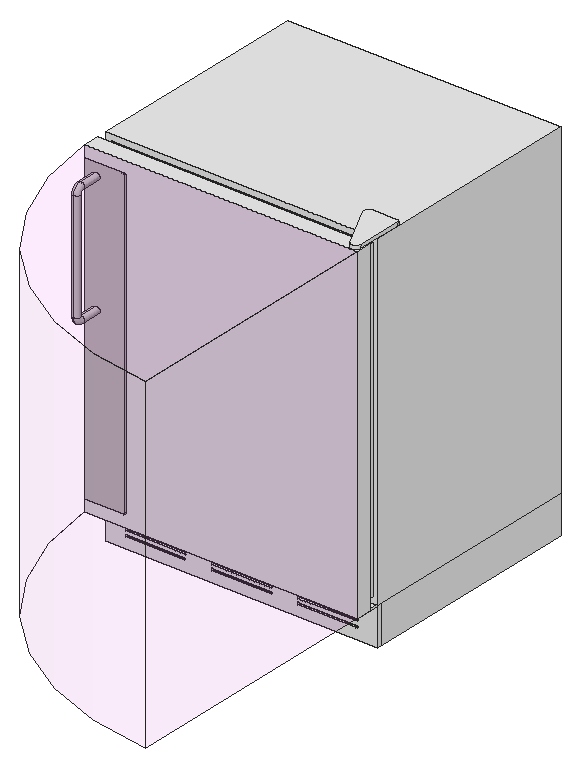
Revit family "QF_Summit_FF6W7BZADA_Refrigerator", category Specialty Equipment, Revit 2020
Family settings
  Round Connector Dimension = Use Diameter
  Part Type = Normal
  Work Plane-Based = No
  Always vertical = Yes
  Cut with Voids When Loaded = No
  Shared = No
  Room Calculation Point = No
Parameters
  Weight in Pounds = 100
  Watts = Volts * FL Amps  # 161 W
  Volts = 115 V
  URL Cutsheet = ""
  Specification by User = ""
  Specification by Manufacturer = ""
  Show LHD [instance] = no
  Right Hinged Door [instance] = not(Show LHD)  # yes
  Serial Number = ""
  Seismic Rating = ""
  SMACNA No = ""
  Revision Code = ""
  Refrigerant Volume = 0.00 kip
  Refrigerant Type = "R600a"
  Phase = 1
  Number of Poles = 1
  NAFEM Spec ID Number = ""
  Model = "FF6W7BZADA"
  Min Ckt Ampacity = 0 A
  Max Overcurrent Protection = 0 A
  Masterspec = ""
  Manufacturer = "Summit"
  Length = 23 5/8"
  Item Number = ""
  Installed By = ""
  Identify Quantity as Lot = yes
  Height = 32 1/8"
  HP = ""
  Furnished By = ""
  Foodservice Equipment Identifier = yes
  FL Amps = 1.4 A
  Electrical Remarks = ""
  Electric Connection Type = ""
  Elec Conn RI Height = 0"
  Elec Conn Connection Height = 0"
  Description = "Refrigerator"
  Depth = 22 3/4"
  Default Elevation = 0"
  Cycle = 60 Hz
  Conn Plug = ""
  Conn Conduit = yes
  CSI MasterFormat = ""
  BTUH = 0.0 Btu/h
  Apparent Power = if(Phase = 3, Volts * FL Amps * 1.73, Volts * FL Amps)  # 161 VA
Reference planes (in)
  plane 1 "BACK": y = 0
  plane 2: z = 0
  plane 3 "LEFT": x = 0
  plane 4 "RIGHT": x = 23.625
  plane 5 "FRONT": y = -22.75
  plane 6 "TOP": z = 32.125
  plane 7 "Center Y": x = 11.8125
  plane 8 "Center X": y = -11.375
  plane 9: z = 31.875
  plane 10: y = -25.25
  plane 11: y = -45.75
  plane 12: y = -0.75
  plane 13: y = -20.5
  plane 14: z = 0.125
  plane 15: z = 3.375
  plane 16: x = 17.46169
Forms (in)
  Extrusion 1, solid, material "QF_Clearances_Door_Drawer", visible <- "Right Hinged Door"
    sketch origin (-5.77638, -180, 3.375) x (0, -1, 0) y (-1, 0, 0)
      loop
        line (-157.25, -29.40138) -> (-134.25, -29.40138)
        arc (-134.25, -29.40138) -> (-141.23315, -13.19152) -> (-157.25, -5.77638) r 24.70896
        line (-157.25, -5.77638) -> (-157.25, -29.40138)
    from 0 to -28.5
  Extrusion 2, solid, material "QF_Metallic_Paint_White_Smooth"
    sketch origin (-4.07558, -180, 0.25) x (-1, 0, 0) y (0, -1, 0)
      loop
        line (-4.07558, -179.25) -> (-4.07558, -159.5) -> (-27.70058, -159.5) -> (-27.70058, -179.25) -> (-4.07558, -179.25)
    from 3.125 to 31.625
  Extrusion 3, solid, material "QF_Metallic_Paint_White_Smooth"
    sketch origin (-5.77638, -180, 3.5) x (-1, 0, 0) y (0, -1, 0)
      loop
        line (-5.77638, -157.25) -> (-29.40138, -157.25) -> (-29.40138, -158.625) -> (-5.77638, -158.625) -> (-5.77638, -157.25)
    from -0.125 to 28.375
  Extrusion 4, solid, material "QF_Metallic_Paint_White_Smooth"
    sketch origin (23.5, -21.375, 3.5) x (-1, 0, 0) y (0, 0, 1)
      loop
        line (0.375, 0.375) -> (23, 0.375) -> (23, 27.875) -> (0.375, 27.875) -> (0.375, 0.375)
    from 0 to 0.875
  Extrusion 5, solid, material "QF_Metallic_Paint_White_Smooth", visible <- "Right Hinged Door"
    sketch origin (-5.77638, -180, 31.875) x (-1, 0, 0) y (0, -1, 0)
      loop
        arc (-29.27619, -161.7403) -> (-29.20297, -161.91708) -> (-29.02619, -161.9903) r 0.25
        line (-29.02619, -161.9903) -> (-26.9149, -161.9903)
        arc (-26.9149, -161.9903) -> (-26.55876, -161.78675) -> (-26.55339, -161.37658) r 0.41333
        line (-26.55339, -161.37658) -> (-28.47012, -157.54371)
        arc (-28.47012, -157.54371) -> (-28.95386, -157.33588) -> (-29.27619, -157.75217) r 0.42999
        line (-29.27619, -157.75217) -> (-29.27619, -161.7403)
    from 0 to 0.25
  Extrusion 6, solid, material "QF_Metallic_Paint_White_Smooth", visible <- "Right Hinged Door"
    sketch origin (-5.77638, -180, 3.375) x (0, 1, 0) y (1, 0, 0)
      loop
        line (159.5, 29.27619) -> (157.75217, 29.27619)
        arc (157.75217, 29.27619) -> (157.33588, 28.95386) -> (157.54371, 28.47012) r 0.42999
        line (157.54371, 28.47012) -> (159.5, 27.5936) -> (159.5, 29.27619)
    from 0 to 0.125
  Extrusion 7, solid, material "QF_Metallic_Paint_White_Smooth"
    sketch origin (-12.48311, -20.5, 48) x (-1, 0, 0) y (0, 0, 1)
      loop
        line (-12.48311, -44.625) -> (-36.10811, -44.625) -> (-36.10811, -47.875) -> (-12.48311, -47.875) -> (-12.48311, -44.625)
      loop
        line (-14.18872, -45.26011) -> (-19.43872, -45.26011) -> (-19.43872, -45.51011) -> (-14.18872, -45.51011) -> (-14.18872, -45.26011)
      loop
        line (-14.18872, -45.76011) -> (-19.43872, -45.76011) -> (-19.43872, -46.01011) -> (-14.18872, -46.01011) -> (-14.18872, -45.76011)
      loop
        line (-14.18872, -46.26011) -> (-19.43872, -46.26011) -> (-19.43872, -46.51011) -> (-14.18872, -46.51011) -> (-14.18872, -46.26011)
      loop
        line (-14.18872, -46.76011) -> (-19.43872, -46.76011) -> (-19.43872, -47.01011) -> (-14.18872, -47.01011) -> (-14.18872, -46.76011)
      loop
        line (-21.67061, -45.26011) -> (-26.92061, -45.26011) -> (-26.92061, -45.51011) -> (-21.67061, -45.51011) -> (-21.67061, -45.26011)
      loop
        line (-21.67061, -45.76011) -> (-26.92061, -45.76011) -> (-26.92061, -46.01011) -> (-21.67061, -46.01011) -> (-21.67061, -45.76011)
      loop
        line (-21.67061, -46.26011) -> (-26.92061, -46.26011) -> (-26.92061, -46.51011) -> (-21.67061, -46.51011) -> (-21.67061, -46.26011)
      loop
        line (-21.67061, -46.76011) -> (-26.92061, -46.76011) -> (-26.92061, -47.01011) -> (-21.67061, -47.01011) -> (-21.67061, -46.76011)
      loop
        line (-34.40249, -45.26011) -> (-34.40249, -45.51011) -> (-29.15249, -45.51011) -> (-29.15249, -45.26011) -> (-34.40249, -45.26011)
      loop
        line (-34.40249, -45.76011) -> (-34.40249, -46.01011) -> (-29.15249, -46.01011) -> (-29.15249, -45.76011) -> (-34.40249, -45.76011)
      loop
        line (-34.40249, -46.26011) -> (-34.40249, -46.51011) -> (-29.15249, -46.51011) -> (-29.15249, -46.26011) -> (-34.40249, -46.26011)
      loop
        line (-34.40249, -46.76011) -> (-34.40249, -47.01011) -> (-29.15249, -47.01011) -> (-29.15249, -46.76011) -> (-34.40249, -46.76011)
    from 0 to 0.25
  Extrusion 8, solid, material "QF_Metallic_Paint_White_Smooth"
    sketch origin (-12.48311, -1, 48) x (-1, 0, 0) y (0, 0, 1)
      loop
        line (-12.48311, -44.625) -> (-36.10811, -44.625) -> (-36.10811, -47.875) -> (-12.48311, -47.875) -> (-12.48311, -44.625)
    from -19.25 to 0.25
  Extrusion 9, solid, material "QF_Metallic_Paint_White_Smooth"
    sketch origin (0, 0, 0) x (1, 0, 0) y (0, 1, 0)
      loop
        circle (3.1104, -18.5) r 0.5
      loop
        circle (3.1104, -2.75) r 0.5
      loop
        circle (20.5146, -18.5) r 0.5
      loop
        circle (20.5146, -2.75) r 0.5
    from 0 to 0.125
  Extrusion 10, solid, material "QF_Metal_Stainless_Polished"
    sketch origin (0, -0.75, 0.25) x (1, 0, 0) y (0, 0, -1)
      loop
        circle (17.46169, -0.84684) r 0.25
    from 0 to 0.25
  Extrusion 11, solid, material "QF_Metallic_Paint_White_Smooth"
    sketch origin (0, -0.75, 17.75) x (0, -1, 0) y (1, 0, 0)
      loop
        line (-0.75, 1) -> (0, 1) -> (0, 22.625) -> (-0.75, 22.625) -> (-0.75, 1)
    from -13.875 to 13.25
  Sweep 12, solid, material "QF_Metal_Stainless_Polished", visible <- "Right Hinged Door"
    path origin (1, 0, 0) x (0, 1, 0) y (0, 0, 1)
      loop
        line (-22.75, 30.125) -> (-24.5, 30.125)
        arc (-24.5, 30.125) -> (-25.03033, 29.90533) -> (-25.25, 29.375) r 0.75
        line (-25.25, 29.375) -> (-25.25, 19.875)
        arc (-25.25, 19.875) -> (-25.03033, 19.34467) -> (-24.5, 19.125) r 0.75
        line (-24.5, 19.125) -> (-22.75, 19.125)
    profile origin (1, -23.625, 30.125) x (0, 0, -1) y (1, 0, 0)
      loop
        circle (0.3, 0) r 0.3
  Extrusion 13, solid, material "QF_Metal_Stainless_Polished", visible <- "Right Hinged Door"
    sketch origin (0, -22.75, 3.5) x (1, 0, 0) y (0, 0, 1)
      loop
        line (0, 0.875) -> (3.375, 0.875)
        arc (3.375, 0.875) -> (3.46339, 0.91161) -> (3.5, 1) r 0.125
        line (3.5, 1) -> (3.5, 27.25)
        arc (3.5, 27.25) -> (3.46339, 27.33839) -> (3.375, 27.375) r 0.125
        line (3.375, 27.375) -> (0, 27.375) -> (0, 0.875)
    from 0 to 0.0625
  Extrusion 14, solid, material "QF_Clearances_Door_Drawer", visible <- "Show LHD"
    sketch origin (29.40138, -180, 3.375) x (0, 1, 0) y (1, 0, 0)
      loop
        line (157.25, -29.40138) -> (157.25, -5.77638)
        arc (157.25, -5.77638) -> (141.23315, -13.19152) -> (134.25, -29.40138) r 24.70896
        line (134.25, -29.40138) -> (157.25, -29.40138)
    from 0 to -28.5
  Extrusion 15, solid, material "QF_Metallic_Paint_White_Smooth", visible <- "Show LHD"
    sketch origin (29.40138, -180, 31.875) x (1, 0, 0) y (0, 1, 0)
      loop
        line (-29.27619, 161.7403) -> (-29.27619, 157.75217)
        arc (-29.27619, 157.75217) -> (-28.95386, 157.33588) -> (-28.47012, 157.54371) r 0.42999
        line (-28.47012, 157.54371) -> (-26.55339, 161.37658)
        arc (-26.55339, 161.37658) -> (-26.55876, 161.78675) -> (-26.9149, 161.9903) r 0.41333
        line (-26.9149, 161.9903) -> (-29.02619, 161.9903)
        arc (-29.02619, 161.9903) -> (-29.20297, 161.91708) -> (-29.27619, 161.7403) r 0.25
    from 0 to 0.25
  Extrusion 16, solid, material "QF_Metallic_Paint_White_Smooth", visible <- "Show LHD"
    sketch origin (29.40138, -180, 3.375) x (0, -1, 0) y (-1, 0, 0)
      loop
        line (-159.5, 29.27619) -> (-159.5, 27.5936) -> (-157.54371, 28.47012)
        arc (-157.54371, 28.47012) -> (-157.33588, 28.95386) -> (-157.75217, 29.27619) r 0.42999
        line (-157.75217, 29.27619) -> (-159.5, 29.27619)
    from 0 to 0.125
  Sweep 17, solid, material "QF_Metal_Stainless_Polished", visible <- "Show LHD"
    path origin (22.625, 0, 0) x (0, 1, 0) y (0, 0, -1)
      loop
        line (-22.75, -30.125) -> (-24.5, -30.125)
        arc (-24.5, -30.125) -> (-25.03033, -29.90533) -> (-25.25, -29.375) r 0.75
        line (-25.25, -29.375) -> (-25.25, -19.875)
        arc (-25.25, -19.875) -> (-25.03033, -19.34467) -> (-24.5, -19.125) r 0.75
        line (-24.5, -19.125) -> (-22.75, -19.125)
    profile origin (22.625, -23.625, 30.125) x (0, 0, 1) y (-1, 0, 0)
      loop
        circle (-0.3, 0) r 0.3
  Extrusion 18, solid, material "QF_Metal_Stainless_Polished", visible <- "Show LHD"
    sketch origin (23.625, -22.75, 3.5) x (-1, 0, 0) y (0, 0, -1)
      loop
        line (0, -0.875) -> (0, -27.375) -> (3.375, -27.375)
        arc (3.375, -27.375) -> (3.46339, -27.33839) -> (3.5, -27.25) r 0.125
        line (3.5, -27.25) -> (3.5, -1)
        arc (3.5, -1) -> (3.46339, -0.91161) -> (3.375, -0.875) r 0.125
        line (3.375, -0.875) -> (0, -0.875)
    from 0 to 0.0625
Lines and regions (in)
  symbolic lines
    curve 1: line (23.625, -0.75, 0) -> (0, -0.75, 0)
    curve 2: line (22.625, 0, 0) -> (1, 0, 0)
    curve 3: line (1, 0, 0) -> (1, -0.75, 0)
    curve 4: line (22.625, -0.75, 0) -> (22.625, 0, 0)
    curve 5: line (0, -0.75, 0) -> (0, -20.5, 0)
    curve 6: line (23.625, -20.5, 0) -> (23.625, -0.75, 0)
    curve 7: line (0, -20.5, 0) -> (0.12518, -20.5, 0)
    curve 8: line (23.625, -21.375, 0) -> (23.49982, -21.375, 0)
    curve 9: line (0, -22.75, 0) -> (23.625, -22.75, 0)
    curve 10: line (0, -21.375, 0) -> (0, -22.75, 0)
    curve 11: line (23.625, -22.75, 0) -> (23.625, -21.375, 0)
    curve 19: line (23.49982, -20.5, 0) -> (23.625, -20.5, 0)
    curve 20: line (22.15301, -21.375, 0) -> (1.47199, -21.375, 0)
    curve 38: line (1.90955, -20.5, 0) -> (21.71545, -20.5, 0)
    curve 39: line (0.12518, -21.375, 0) -> (0, -21.375, 0)
  symbolic lines, visible <- "Right Hinged Door"
    curve 12: line (0.5, -20.5, 0) -> (0.5, -21.375, 0)
    curve 13: line (20.77701, -18.62342, 0) -> (22.69374, -22.45629, 0)
    curve 14: arc (22.69374, -22.45629, 0) -> (23.17748, -22.66412, 0) -> (23.49982, -22.24783, 0) r 0.42999
    curve 15: line (23.49982, -22.24783, 0) -> (23.49982, -18.2597, 0)
    curve 16: arc (23.49982, -18.2597, 0) -> (23.42659, -18.08292, 0) -> (23.24982, -18.0097, 0) r 0.25
    curve 17: line (23.24982, -18.0097, 0) -> (21.13852, -18.0097, 0)
    curve 18: arc (21.13852, -18.0097, 0) -> (20.78238, -18.21325, 0) -> (20.77701, -18.62342, 0) r 0.41333
    curve 21: line (0.69922, -22.75, 0) -> (0.69922, -24.94922, 0)
    curve 22: line (1.30078, -22.75, 0) -> (1.30078, -24.94922, 0)
    curve 23: arc (0.69922, -24.94922, 0) -> (1, -25.25, 0) -> (1.30078, -24.94922, 0) r 0.30078
    curve 37: line (0.12518, -20.5, 0) -> (1.90955, -20.5, 0)
    curve 40: line (1.47199, -21.375, 0) -> (0.12518, -21.375, 0)
  symbolic lines, style "QF_Clearances_Door_Drawer", visible <- "Right Hinged Door"
    curve 24: line (23.625, -22.75, 0) -> (3.74264, -34.22908, 0)
    curve 25: arc (3.74264, -34.22908, 0) -> (1.15939, -28.72166, 0) -> (0, -22.75, 0) r 24.70896
  symbolic lines, visible <- "Show LHD"
    curve 26: line (2.84799, -18.62342, 0) -> (0.93126, -22.45629, 0)
    curve 27: arc (0.93126, -22.45629, 0) -> (0.44752, -22.66412, 0) -> (0.12518, -22.24783, 0) r 0.42999
    curve 28: line (0.12518, -22.24783, 0) -> (0.12518, -18.2597, 0)
    curve 29: arc (0.12518, -18.2597, 0) -> (0.19841, -18.08292, 0) -> (0.37518, -18.0097, 0) r 0.25
    curve 30: line (0.37518, -18.0097, 0) -> (2.48648, -18.0097, 0)
    curve 31: arc (2.48648, -18.0097, 0) -> (2.84262, -18.21325, 0) -> (2.84799, -18.62342, 0) r 0.41333
    curve 32: line (22.92578, -22.75, 0) -> (22.92578, -24.94922, 0)
    curve 33: line (22.32422, -22.75, 0) -> (22.32422, -24.94922, 0)
    curve 34: arc (22.92578, -24.94922, 0) -> (22.625, -25.25, 0) -> (22.32422, -24.94922, 0) r 0.30078
    curve 41: line (23.125, -20.5, 0) -> (23.125, -21.375, 0)
    curve 42: line (23.49982, -20.5, 0) -> (21.71545, -20.5, 0)
    curve 43: line (22.15301, -21.375, 0) -> (23.49982, -21.375, 0)
  symbolic lines, style "QF_Clearances_Door_Drawer", visible <- "Show LHD"
    curve 35: line (0, -22.75, 0) -> (19.88236, -34.22908, 0)
    curve 36: arc (19.88236, -34.22908, 0) -> (22.46561, -28.72166, 0) -> (23.625, -22.75, 0) r 24.70896
Dimensions and locks (in)
  equal spacing: plane 3 "LEFT", plane 7 "Center Y", plane 4 "RIGHT"
  "Length": plane 3 "LEFT" to plane 4 "RIGHT"
  equal spacing: plane 5 "FRONT", plane 8 "Center X", plane 1 "BACK"
  "Depth": plane 5 "FRONT" to plane 1 "BACK"
  "Height": plane 6 "TOP" to level
  plane 4 "RIGHT" to plane 3 "LEFT" = 23 5/8"
  locked: plane 6 "TOP" to plane 9 at 0.25
  locked: plane 10 to plane 5 "FRONT" at 2.5
  plane 1 "BACK" to plane 12 = 3/4"
  plane 12 to plane 13 = 19 3/4"
  plane 12 to plane 11 = 45"
  plane 14 to plane 2 = 1/8"
  plane 9 to plane 14 = 31 3/4"
  locked: plane 15 to plane 14 at 3.25
  plane 9 to plane 2 = 31 7/8"
  aligned and locked: level to plane 2
Automatic sketch dimensions
  Extrusion 1 sketch curve to plane 4 "RIGHT" = 0"
  plane 5 "FRONT" to Extrusion 1 sketch curve = 0"
  Extrusion 1 sketch curve to plane 11 = 0"
  Extrusion 1 sketch curve to plane 3 "LEFT" = 0"
  Extrusion 1 sketch curve to plane 13 = 0.56237"
  Extrusion 2 sketch curve to plane 4 "RIGHT" = 0"
  Extrusion 2 sketch curve to plane 3 "LEFT" = 0"
  Extrusion 2 sketch curve to plane 12 = 0"
  Extrusion 2 sketch curve to plane 13 = 0"
  Extrusion 3 sketch curve to plane 4 "RIGHT" = 0"
  Extrusion 3 sketch curve to plane 3 "LEFT" = 0"
  plane 5 "FRONT" to Extrusion 3 sketch curve = 0"
  Extrusion 3 sketch curve to plane 13 = 7/8"
  Extrusion 3 to Extrusion 4 sketch curve = 1/2"  (x3)
  Extrusion 4 sketch curve to Extrusion 3 = 1/2"
  Extrusion 5 sketch curve to Extrusion 3 = 0.12518"
  Extrusion 5 sketch curve to Extrusion 5 sketch curve = 1/4"
  Extrusion 5 sketch curve to Extrusion 5 sketch curve = 0.42999"
  Extrusion 5 sketch curve to Extrusion 3 = 0.29371"
  Extrusion 5 sketch curve to Extrusion 5 sketch curve = 0.37608"
  Extrusion 5 sketch curve to Extrusion 5 sketch curve = 2.1113"
  Extrusion 5 sketch curve to Extrusion 5 sketch curve = 0.36151"
  Extrusion 3 to Extrusion 5 sketch curve = 2.75158"
  Extrusion 5 sketch curve to Extrusion 5 sketch curve = 0.20039"
  Extrusion 6 sketch curve to plane 13 = 0"
  Extrusion 6 sketch curve to plane 5 "FRONT" = 0.50217"
  Extrusion 6 sketch curve to plane 5 "FRONT" = 0.29371"
  plane 4 "RIGHT" to Extrusion 6 sketch curve = 0.12518"
  Extrusion 6 sketch curve to Extrusion 6 sketch curve = 0.42999"
  Extrusion 6 sketch curve to Extrusion 6 sketch curve = 1.6826"
  plane 4 "RIGHT" to Extrusion 7 sketch curve = 0"
  Extrusion 7 sketch curve to plane 3 "LEFT" = 0"
  Extrusion 7 sketch curve to plane 14 = 0"
  Extrusion 7 sketch curve to plane 15 = 0"
  plane 4 "RIGHT" to Extrusion 7 sketch curve = 1.70562"
  Extrusion 7 sketch curve to Extrusion 7 sketch curve = 0"  (x18)
  plane 16 to Extrusion 7 sketch curve = 0.79231"
  plane 14 to Extrusion 7 sketch curve = 0.86489"  (x2)
  Extrusion 7 sketch curve to Extrusion 7 sketch curve = 2.23188"  (x2)
  Extrusion 7 sketch curve to plane 15 = 1.13511"
  Extrusion 7 sketch curve to plane 7 "Center Y" = 2 5/8"
  plane 14 to Extrusion 7 sketch curve = 1.11489"
  plane 3 "LEFT" to Extrusion 7 sketch curve = 1.70562"
  Extrusion 7 sketch curve to Extrusion 7 sketch curve = 1/4"  (x20)
  plane 4 "RIGHT" to Extrusion 8 sketch curve = 0"
  Extrusion 8 sketch curve to plane 3 "LEFT" = 0"
  Extrusion 8 sketch curve to plane 14 = 0"
  Extrusion 8 sketch curve to plane 15 = 0"
  plane 3 "LEFT" to Extrusion 9 sketch curve = 3.1104"  (x2)
  Extrusion 9 sketch curve to plane 16 = 3.05291"  (x2)
  plane 13 to Extrusion 9 sketch curve = 2"  (x2)
  Extrusion 9 sketch curve to plane 12 = 2"  (x2)
  Extrusion 10 sketch curve to Extrusion 2 = 2.27816"
  Extrusion 10 sketch curve to Extrusion 2 = 6.16331"
  plane 1 "BACK" to Extrusion 11 sketch curve = 0"
  Extrusion 11 sketch curve to plane 12 = 0"
  plane 3 "LEFT" to Extrusion 11 sketch curve = 1"
  plane 4 "RIGHT" to Extrusion 11 sketch curve = 1"
  Sweep 12 sketch curve to plane 10 = 0"
  Sweep 12 sketch curve to plane 5 "FRONT" = 0"  (x2)
  plane 10 to Sweep 12 sketch curve = 3/4"  (x2)
  Sweep 12 sketch curve to plane 9 = 12 3/4"
  Sweep 12 sketch curve to plane 9 = 2 1/2"
  Sweep 12 sketch curve to profile plane = 0"
  Sweep 12 sketch curve to profile plane = 0.3"
  Extrusion 13 sketch curve to Extrusion 3 = 0"
  Extrusion 3 to Extrusion 13 sketch curve = 1"  (x2)
  Extrusion 13 sketch curve to Extrusion 13 sketch curve = 3 3/8"
  Extrusion 3 to Extrusion 13 sketch curve = 3 3/8"
  Extrusion 13 sketch curve to Extrusion 13 sketch curve = 1/8"
  Extrusion 14 sketch curve to plane 3 "LEFT" = 0"
  Extrusion 14 sketch curve to plane 11 = 0"
  Extrusion 14 sketch curve to plane 4 "RIGHT" = 0"
  plane 5 "FRONT" to Extrusion 14 sketch curve = 0"
  Extrusion 14 sketch curve to plane 13 = 0.56237"
  Extrusion 15 sketch curve to Extrusion 3 = 0.12518"
  Extrusion 15 sketch curve to Extrusion 15 sketch curve = 1/4"
  Extrusion 15 sketch curve to Extrusion 15 sketch curve = 0.42999"
  Extrusion 15 sketch curve to Extrusion 3 = 0.29371"
  Extrusion 15 sketch curve to Extrusion 15 sketch curve = 0.37608"
  Extrusion 15 sketch curve to Extrusion 15 sketch curve = 2.1113"
  Extrusion 15 sketch curve to Extrusion 15 sketch curve = 0.36151"
  Extrusion 3 to Extrusion 15 sketch curve = 2.75158"
  Extrusion 15 sketch curve to Extrusion 15 sketch curve = 0.20039"
  Extrusion 16 sketch curve to plane 13 = 0"
  plane 3 "LEFT" to Extrusion 16 sketch curve = 0.12518"
  Extrusion 16 sketch curve to plane 5 "FRONT" = 0.50217"
  Extrusion 16 sketch curve to plane 5 "FRONT" = 0.29371"
  Extrusion 16 sketch curve to Extrusion 16 sketch curve = 0.42999"
  Extrusion 16 sketch curve to Extrusion 16 sketch curve = 1.6826"
  Sweep 17 sketch curve to plane 10 = 0"
  Sweep 17 sketch curve to plane 5 "FRONT" = 0"  (x2)
  plane 10 to Sweep 17 sketch curve = 3/4"  (x2)
  Sweep 17 sketch curve to plane 9 = 1 3/4"
  Sweep 17 sketch curve to Sweep 17 sketch curve = 9 1/2"
  profile plane to Sweep 17 sketch curve = 0"
  profile plane to Sweep 17 sketch curve = 0.3"
  Extrusion 3 to Extrusion 18 sketch curve = 0"
  Extrusion 3 to Extrusion 18 sketch curve = 1"  (x2)
  Extrusion 18 sketch curve to Extrusion 18 sketch curve = 3 3/8"  (x2)
  Extrusion 18 sketch curve to Extrusion 18 sketch curve = 1/8"
  curve 9 to plane 3 "LEFT" = 0"
  curve 7 to plane 3 "LEFT" = 0"
  curve 7 to plane 13 = 0"
  curve 37 to plane 13 = 0"
  plane 5 "FRONT" to curve 21 = 0"
  curve 3 to plane 12 = 0"
  plane 1 "BACK" to curve 2 = 0"
  curve 38 to plane 13 = 0"
  curve 42 to plane 13 = 0"
  curve 19 to plane 13 = 0"
  curve 36 to plane 4 "RIGHT" = 0"
  curve 6 to plane 4 "RIGHT" = 0"
  curve 36 to plane 3 "LEFT" = 1.02625"
  plane 3 "LEFT" to curve 28 = 0.12518"
  curve 28 to curve 29 = 1/4"
  curve 27 to curve 27 = 0.42999"
  plane 3 "LEFT" to curve 21 = 179/256"
  curve 26 to plane 5 "FRONT" = 0.29371"
  curve 21 to curve 26 = 0.23204"
  curve 21 to curve 23 = 77/256"
  plane 3 "LEFT" to curve 2 = 1"
  curve 20 to plane 13 = 7/8"
  curve 27 to curve 20 = 0.54073"
  curve 29 to curve 31 = 2.1113"
  plane 13 to curve 26 = 1.87658"
  plane 3 "LEFT" to curve 24 = 3.74264"
  curve 35 to plane 16 = 2.42066"
  plane 4 "RIGHT" to curve 13 = 2.84799"
  curve 18 to curve 17 = 0.36151"
  plane 10 to curve 33 = 77/256"
  plane 4 "RIGHT" to curve 33 = 1 77/256"
  curve 34 to curve 34 = 77/256"
  plane 4 "RIGHT" to curve 2 = 1"
  curve 13 to plane 5 "FRONT" = 0.29371"
  curve 13 to curve 32 = 0.23204"
  curve 13 to curve 14 = 0.37608"
  plane 4 "RIGHT" to curve 16 = 0.37518"
  plane 4 "RIGHT" to curve 15 = 0.12518"
  curve 25 to plane 4 "RIGHT" = 1.02625"
  plane 10 to curve 22 = 77/256"
  curve 24 to curve 23 = 9.27986"
  curve 35 to curve 34 = 9.27986"
  curve 39 to curve 5 = 7/8"
  curve 11 to curve 6 = 7/8"
  plane 13 to curve 13 = 1.87658"
  curve 31 to curve 31 = 0.20039"
  curve 13 to curve 18 = 0.20039"
  curve 39 to curve 12 = 0.37482"
  curve 40 to curve 20 = 0"
  curve 43 to curve 20 = 0"
  curve 41 to curve 43 = 0.37482"
  radius of Extrusion 9 sketch curve = 1/2"  (x4)
  radius of Extrusion 10 sketch curve = 1/4"
  radius of Sweep 12 sketch curve = 0.3"
  radius of Sweep 17 sketch curve = 0.3"
Connectors (in)
  electrical at (17.46169, -0.5, 1.09684), driven by "Volts", driven by "Watts"
    settings: on Extrusion 10, index 1, voltage 115 V, apparent load 161 VA, apparent load phase1 0 VA, apparent load phase2 0 VA, apparent load phase3 0 VA, power factor 1, load classification "Other", number of poles 1, system type 30, power factor state 1, is connector primary yes, connector utility no, sub classification motor no, connector description "Electrical Connection"
